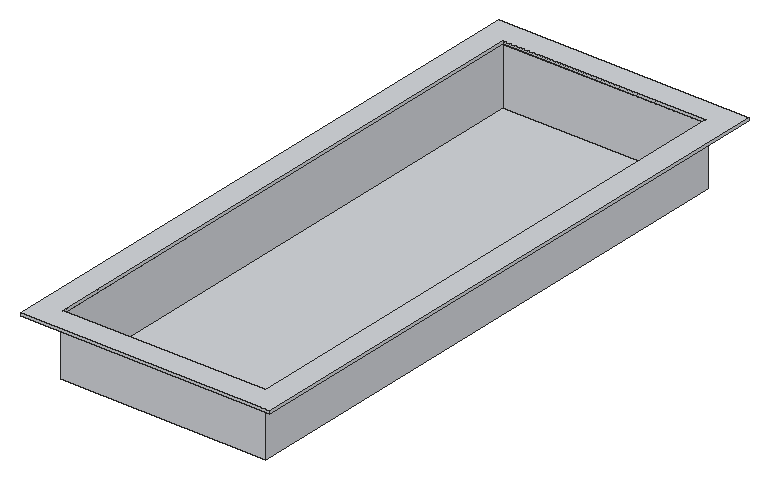
Revit family "Hager-VOLTA-Hollow_wall-IP30-Without_Cover-With_DIN-Hosted-DE-de", category Electrical Equipment, host Face, Revit 2023
Family settings
  Host = Face
  Panel Configuration = Two Columns, Circuits Across
  Round Connector Dimension = Use Diameter
  Part Type = Panelboard
  Cut with Voids When Loaded = No
  Maintain Annotation Orientation = Yes
  Shared = No
  Room Calculation Point = No
Parameters (values of type "VOLTA-Hollow_wall_W348_H880_D94_12_Modular_Spacing-VH60NKM")
  Width Control [instance] = if([HG000006-Flush mounted], if([EF000846 - Einbaubreite] > min_whd, [EF000846 - Einbaubreite], min_whd), if([EF000008 - Breite] > min_whd, ([EF000008 - Breite]), min_whd))  # 314 mm
  Void Depth [instance] = if([HG000006-Flush mounted], Depth Control, 1 mm)  # 90 mm
  Uniformat code = "D501001"
  Uniformat = "Low Tension Service & Dist."
  Type Comments = ""
  System Height [instance] = Height Control - 2 * [HG000005-Dicke]  # 842 mm
  Reference description = ""
  Reference = "VOLTA-Hollow_wall_W348_H880_D94_12_Modular_Spacing-VH60NKM"
  Object type = ""
  Name hager = "ADD_Enclosures_EC000214"
  Name BIM&CO = "Electricity"
  Name = "VOLTA-Hollow_wall-IP30-Without_Cover-With_DIN-DE"
  Model = ""
  HGEF0002950-Breite in Teilungseinheiten = 12
  HGEF000266-Anzahl der Reihen = 0
  HG000131 - Funktionell label [instance] = ""
  HG000130 - Functional name [instance] = ""
  HG000099-Onfly Template ID-de-DE = "507532"
  HG000060-RAL-number = "9010"
  HG000059 - Betriebsspannung [instance] = 230 V
  HG000017-Distanz zwischen den Polen = 18 mm
  HG000016-3D-Türsichtbarkeit = yes
  HG000015-Sichtbarkeit der Türöffnung = yes
  HG000014-Tür rechts = yes
  HG000013-Tür links = no
  HG000012-Türschwenkwinkel = 90.00°
  HG000011-Leere Reihen von unten = no
  HG000010-Asymmetrische Türen = no
  HG000009-Doppelflügeligen Tür = no
  HG000008-Anzahl der leeren Reihen = 0
  HG000007-Anzahl der leeren Spalten = 0
  HG000006-Flush mounted = yes
  HG000005-Dicke = 2 mm
  HG000004-Herstellerreferenz = "VH60NKM"
  HG000003-Bereich = "VOLTA"
  HG000002-Mit tür = no
  HG000001-Anzahl der Spalten = 0
  GTIN (Global Trade Item Number) = ""
  ETIM class name = "Small distribution board"
  ETIM class code = "EC000214"
  EF015941 - Signaldurchlassende Tür = no
  EF015777 - Neutralleiterklemmenblock = no
  EF015776 - Erdungsklemmenblock = no
  EF009212 - Ausführung Deckel = "geschlossen"
  EF006306 - Mit Schloss = no
  EF006244 - Transparenter Deckel/Tür = no
  EF005474 - Schutzart (IP) = "IP30"
  EF004464 - Art der Tür = ""
  EF004462 - Art der Schließung = "sonstige"
  EF002950 - Breite in Teilungseinheiten = 12
  EF001596 - Werkstoff des Gehäuses = ""
  EF001134 - DIN-Schiene = yes
  EF001131 - Innentiefe = 0 mm
  EF001088 - Anbaumöglichkeit = yes
  EF001062 - EMV-Ausführung = no
  EF000846 - Einbaubreite = 314 mm
  EF000339 - Art der Abdeckung = ""
  EF000332 - Einbauhöhe = 846 mm
  EF000266 - Anzahl der Reihen = 0
  EF000218 - Einbautiefe = 90 mm
  EF000118 - Mit Montageplatte = yes
  EF000116 - RAL-Nummer = 9010
  EF000049 - Tiefe = 94 mm
  EF000040 - Höhe = 880 mm
  EF000024 - UV-beständig = no
  EF000008 - Breite = 348 mm
  EF000007 - Farbe = "weiß"
  EF000003 - Montageart = "Hohlwand"
  Creation Date = "12/15/2025 21:45:00"
  Code hager = "ADD-EC000214_EU"
  BIM&CO code = ""
  BC_VARIANT_ID = "1174283"
  BC_OBJECT_VERSION = "#3"  # constant formula
  BC_OBJECT_ID = "513480"  # constant formula
  BC_MODEL_ID = "1547177"  # constant formula
  Arrow Offset [instance] = Depth Control / 8  # 11.25 mm
  Arrow Height [instance] = Depth Control - Arrow Offset  # 78.75 mm
  Host Offset [instance] = if([HG000006-Flush mounted], 0 mm, [EF000049 - Tiefe])  # 0 mm
  min_whd [instance] = (2 * [HG000005-Dicke]) + 1 mm  # 5 mm
  Manufacturer = "Hager"  # constant formula
  Height Control [instance] = if([HG000006-Flush mounted], if([EF000332 - Einbauhöhe] > min_whd, [EF000332 - Einbauhöhe], min_whd), if([EF000040 - Höhe] > min_whd, ([EF000040 - Höhe]), min_whd))  # 846 mm
  Flush Mounted - Door Frame Width [instance] = if(([EF000040 - Höhe] - [EF000332 - Einbauhöhe]) > 0 mm, if([HG000006-Flush mounted], [EF000040 - Höhe] - [EF000332 - Einbauhöhe], 0 mm), 0 mm)  # 34 mm
  Depth Control [instance] = if([HG000006-Flush mounted], if([EF000218 - Einbautiefe] > 0 mm, [EF000218 - Einbautiefe], 1 mm), if([EF000049 - Tiefe] > 0 mm, ([EF000049 - Tiefe]), 1 mm))  # 90 mm
  Default Elevation = 0 mm
Types (3, lengths in mm): name | Width Control | Void Depth | System Height | Reference | HG000004-Herstellerreferenz | EF004462 - Art der Schließung | EF000846 - Einbaubreite | EF000332 - Einbauhöhe | EF000218 - Einbautiefe | EF000049 - Tiefe | EF000040 - Höhe | BC_VARIANT_ID | Arrow Offset | Arrow Height | Height Control | Flush Mounted - Door Frame Width | Depth Control
  VOLTA-Hollow_wall_W348_H630_D98_12_Modular_Spacing-VH36NKM | 314.5 | 89 | 591 | "VOLTA-Hollow_wall_W348_H630_D98_12_Modular_Spacing-VH36NKM" | "VH36NKM" | "" | 314.5 | 595 | 89 | 98 | 630 | "1174281" | 11.125 | 77.875 | 595 | 35 | 89
  VOLTA-Hollow_wall_W348_H755_D98_12_Modular_Spacing-VH48NKM | 314.5 | 89 | 716 | "VOLTA-Hollow_wall_W348_H755_D98_12_Modular_Spacing-VH48NKM" | "VH48NKM" | "" | 314.5 | 720 | 89 | 98 | 755 | "1174282" | 11.125 | 77.875 | 720 | 35 | 89
  VOLTA-Hollow_wall_W348_H880_D94_12_Modular_Spacing-VH60NKM | 314 | 90 | 842 | "VOLTA-Hollow_wall_W348_H880_D94_12_Modular_Spacing-VH60NKM" | "VH60NKM" | "sonstige" | 314 | 846 | 90 | 94 | 880 | "1174283" | 11.25 | 78.75 | 846 | 34 | 90
Reference planes
  plane 1 "Center (Front/Back)": y = 0
  plane 2: z = 0
  plane 3 "Center (Left/Right)": x = 0
  plane 4: z = 0
  plane 5: y = 36
  plane 6: z = -5
  plane 7: y = 457
  plane 8: y = 34
  plane 9: y = 880
  plane 10: z = -90
  plane 11: x = -157
  plane 12: x = 157
  plane 13: x = 155
  plane 14: x = -155
  plane 15: y = 878
  plane 16: z = -88
  plane 17: z = -2
  plane 18: z = -90
  plane 19: z = -2
  plane 20 "Annotation H": y = -100
  plane 21 "Annotation V": x = 457
Forms (mm)
  Extrusion 1, solid
    sketch origin (-583.045, 34, 1219.2) x (-1, 0, 0) y (0, 0, 1)
      loop
        line (-426.045, -1219.2) -> (-740.045, -1219.2) -> (-740.045, -1309.2) -> (-426.045, -1309.2) -> (-426.045, -1219.2)
    from 0 to 846 <- "Height Control"
  Extrusion 2, void
    sketch origin (-381.607, -4572, 0) x (0, -1, 0) y (-1, 0, 0)
      loop
        line (-5450, -226.607) -> (-5450, -536.607) -> (-4608, -536.607) -> (-4608, -226.607) -> (-5450, -226.607)
    from 0 to 88
  Extrusion 3, void
    sketch origin (0, 0, 0) x (1, 0, 0) y (0, 1, 0)
      loop
        line (-157, 34) -> (157, 34) -> (157, 880) -> (-157, 880) -> (-157, 34)
    from -90 to 1
  Extrusion 4, solid, detail levels coarse+medium
    sketch origin (-381.607, -4572, 0) x (-1, 0, 0) y (0, -1, 0)
      loop
        line (-226.607, -5450) -> (-226.607, -4608) -> (-536.607, -4608) -> (-536.607, -5450) -> (-226.607, -5450)
    from 0 to -2
Cuts and joins
  Extrusion 2 cuts Extrusion 1
Dimensions and locks
  plane 4 to plane 6 = 5 mm
  "Host Offset": plane 4 to host face
  "Flush Mounted - Door Frame Width": plane 1 "Center (Front/Back)" to plane 8
  "HG000005-Dicke": plane 5 to plane 8
  locked: connector elem to plane 3 "Center (Left/Right)"
  "Height Control": plane 9 to plane 8
  equal spacing: plane 9, plane 7, plane 8
  locked: connector elem to plane 7
  "Depth Control": plane 4 to plane 10
  "HG000005-Dicke": plane 11 to plane 14
  "HG000005-Dicke": plane 12 to plane 13
  equal spacing: plane 11, plane 3 "Center (Left/Right)", plane 12
  "Width Control": plane 11 to plane 12
  "Arrow Offset": nested 4 to plane 10
  "HG000005-Dicke": plane 9 to plane 15
  "HG000005-Dicke": plane 16 to plane 10
  "HG000005-Dicke": plane 4 to plane 17
  "Void Depth": plane 2 to plane 18
  "HG000005-Dicke": plane 4 to plane 19
  locked: plane 20 "Annotation H" to plane 1 "Center (Front/Back)" at 100
  locked: plane 12 to plane 21 "Annotation V" at 300
  aligned and locked: plane 2 to host face
  aligned and locked: level to host face
  aligned and locked: plane 3 "Center (Left/Right)" to nested 2
  aligned and locked: plane 4 to nested 2
  aligned and locked: nested 2 to plane 8
  aligned and locked: nested 1 to plane 6
  aligned and locked: plane 5 to nested 1
  aligned and locked: nested 4 to plane 11
  aligned and locked: nested 3 to plane 4
  aligned and locked: Extrusion 1 sketch curve to plane 12
  aligned and locked: Extrusion 1 sketch curve to plane 11
  aligned and locked: nested 3 to plane 10
  aligned and locked: plane 10 to Extrusion 1 sketch curve
  aligned and locked: plane 5 to Extrusion 2 sketch curve
  aligned and locked: Extrusion 2 sketch curve to plane 15
  aligned and locked: Extrusion 2 sketch curve to plane 14
  aligned and locked: Extrusion 2 sketch curve to plane 13
  aligned and locked: plane 11 to Extrusion 3 sketch curve
  aligned and locked: plane 9 to Extrusion 3 sketch curve
  aligned and locked: Extrusion 3 sketch curve to plane 8
  aligned and locked: plane 12 to Extrusion 3 sketch curve
  aligned and locked: nested 3 to plane 12
  aligned and locked: Extrusion 3 to plane 18
  aligned and locked: Extrusion 2 to plane 16
  aligned and locked: Extrusion 1 sketch curve to plane 4
  aligned and locked: Extrusion 4 to plane 17
  aligned and locked: Extrusion 4 sketch curve to plane 15
  aligned and locked: Extrusion 4 sketch curve to plane 13
  aligned and locked: Extrusion 4 sketch curve to plane 14
  aligned and locked: plane 5 to Extrusion 4 sketch curve
  aligned and locked: nested 5 to plane 21 "Annotation V"
  aligned and locked: plane 20 "Annotation H" to nested 5
Automatic sketch dimensions
  host sketch curve to host sketch curve = 1469.727 mm
  host sketch curve to host sketch curve = 1434.803 mm
Nested families
  nested 1: "Hager_Enclosure_System" at (0, 36, -5) x (1, 0, 0) z (0, 1, 0), Height <- "System Height", Flush_Mounted <- "HG000006-Flush mounted", Width_Control <- "Width Control", Built-in_Width <- "EF000846 - Einbaubreite", Width <- "EF000008 - Breite", Depth <- "HG000005-Dicke", Border <- "HG000005-Dicke", Distance_Between_Poles <- "HG000017-Distanz zwischen den Polen", Empty_Columns <- "HG000007-Anzahl der leeren Spalten", Total_No_Empty_Rows <- "HG000008-Anzahl der leeren Reihen", Empty_Rows_From_Bottom <- "HG000011-Leere Reihen von unten", Columns_Count <- "HG000001-Anzahl der Spalten", Rows_Count <- "HGEF000266-Anzahl der Reihen", Row_Module_Multiplicator <- "HGEF0002950-Breite in Teilungseinheiten", type "Hager_Enclosure_System", detail levels fine
    with Width_Control 314 mm, Width 348 mm, Total_No_Rows 0, Total_No_Empty_Rows 0, Total_No_Columns 1, System_Width 310 mm, Rows_Count 0, Rows_Column 0, Row_Module_Multiplicator 12, Panel_4 no, Panel_3 no, Panel_2 no, Panel_1 no, No_Panels_Ctrl 1, Hide_Columns yes, Height 842 mm, Flush_Mounted yes, Empty_Rows_From_Bottom no, Empty_Rows_Column 0, Empty_Columns 0, Empty column 4 0, Empty column 3 0, Empty column 2 0, Empty column 1 0, Distance_Between_Poles 18 mm, Depth 2 mm, Columns_Count 0, Column_Width 310 mm, Built-in_Width 314 mm, Border 2 mm
  nested 2: "Hager_Enclosure_Door" at (0, 34, 0) x (1, 0, 0) z (0, 1, 0), Flush_Mounted <- "HG000006-Flush mounted", Height_Ctrl <- "Height Control", Width_Ctrl <- "Width Control", BuiltIn_Depth <- "EF000218 - Einbautiefe", Depth <- "EF000049 - Tiefe", BuiltIn_Width <- "EF000846 - Einbaubreite", Height <- "EF000040 - Höhe", BuiltIn_Height <- "EF000332 - Einbauhöhe", Width <- "EF000008 - Breite", Transparent <- "EF006244 - Transparenter Deckel/Tür", Border <- "HG000005-Dicke", Door <- "HG000002-Mit tür", Double <- "HG000009-Doppelflügeligen Tür", Assymetrical <- "HG000010-Asymmetrische Türen", Angle <- "HG000012-Türschwenkwinkel", Door_Left <- "HG000013-Tür links", Door_Right <- "HG000014-Tür rechts", Clearance <- "HG000015-Sichtbarkeit der Türöffnung", 3d_Door <- "HG000016-3D-Türsichtbarkeit", type "Hager_Enclosure_Door", detail levels medium+fine
    with min_wh 5 mm, Width_Ctrl 314 mm, Width 348 mm, Transparent_Door_No_Bottom_Border no, Transparent no, Leaf_Width 307 mm, Leaf_Tolerance 1.5 mm, Leaf_Height 839 mm, Leaf_2_Width 307 mm, Leaf_2_Offset 153.5 mm, Leaf_1_Width 307 mm, Leaf_1_Offset 153.5 mm, Height_Ctrl 846 mm, Height 880 mm, Frame_Width_Ctrl 34 mm, Frame_Width 34 mm, Frame_Internal_Offset 2 mm, Frame_Height_Ctrl 34 mm, Frame_Height 34 mm, Frame_Depth_Ctrl 4 mm, Frame_Depth 4 mm, Flush_Mounted yes, Double_Clearance_Ctrl no, Double no, Door_Right_Ctrl no, Door_Right yes, Door_Left_Ctrl no, Door_Left no, Door no, Depth 94 mm, Clearance_Depth 307 mm, Clearance_Ctrl yes, Clearance yes, BuiltIn_Width 314 mm, BuiltIn_Height 846 mm, BuiltIn_Depth 90 mm, Border 2 mm, Assymetrical no, Angle 90.00°, 3d_Door yes
  nested 3: "Hager_Enclosure_Symbol_Triangle" at (-157, 0, -90) x (1, 0, 0) z (0, -1, 0), Depth <- "Depth Control", Width <- "Width Control", type "Hager_Enclosure_Symbol_Triangle"
    with Width_Ctrl 314 mm, Width 314 mm, Depth_Ctrl 90 mm, Depth 90 mm
  nested 4: "Hager_Enclosure_Symbol_Arrow" at (-157, 0, -78.75) x (1, 0, 0) z (0, -1, 0), Height <- "Arrow Height", type "Hager_Enclosure_Symbol_Arrow"
    with Width_Inside 5.906 mm, Width 70.875 mm, Height_Ctrl 78.75 mm, Height 78.75 mm
  nested 5: "Hager_Annotation-HG000130" at (457, -100, 0) x (-1, 0, 0) z (0, 0, 1), HG000130 - Functional name <- "HG000130 - Functional name", type "Hager_Annotation-HG000130"
    with HG000130 - Functional name ""
Connectors
  electrical at (0, 457, -90)
    settings: on plane 10, index 1, voltage 0 V, apparent load 0 VA, apparent load phase1 0 VA, apparent load phase2 0 VA, apparent load phase3 0 VA, power factor 1, load classification "Other", number of poles 1, system type 30, power factor state 1, is connector primary yes, connector utility no, sub classification motor no, connector description ""
Definition of nested family "Hager_Enclosure_Door"
  Parameters (values of type "Hager_Enclosure_Door")
    min_wh [instance] = (2 * Border) + 1 mm  # 11 mm
    Width_Ctrl [instance] = 400 mm
    Width [instance] = 500 mm
    Transparent_Door_No_Bottom_Border [instance] = no
    Transparent [instance] = yes
    Leaf_Width [instance] = if((Width_Ctrl - 2 * Border - 2 * Leaf_Tolerance) > 0 mm, (Width_Ctrl - 2 * Border - 2 * Leaf_Tolerance), min_wh)  # 387 mm
    Leaf_Tolerance [instance] = 1.5 mm  # constant formula
    Leaf_Height [instance] = if((Height_Ctrl - 2 * Border - 2 * Leaf_Tolerance) > 0 mm, (Height_Ctrl - 2 * Border - 2 * Leaf_Tolerance), min_wh)  # 387 mm
    Leaf_2_Width [instance] = if(and(and(Double, Assymetrical), Door_Left), (Leaf_Width / 3) - (Leaf_Tolerance / 2), if(and(and(Double, Assymetrical), Door_Right), (Leaf_Width / 3) * 2 - (Leaf_Tolerance / 2), if(and(Double, not(Assymetrical)), (Leaf_Width / 2) - Leaf_Tolerance, Leaf_Width)))  # 387 mm
    Leaf_2_Offset [instance] = if(and(Double, Assymetrical), Leaf_2_Width / 2, if(and(Double, not(Assymetrical)), Leaf_Width / 4, Leaf_Width / 2))  # 193.5 mm
    Leaf_1_Width [instance] = if(and(and(Double, Assymetrical), Door_Right), (Leaf_Width / 3) - (Leaf_Tolerance / 2), if(and(and(Double, Assymetrical), Door_Left), (Width / 3) * 2 - (Leaf_Tolerance / 2), if(and(Double, not(Assymetrical)), (Leaf_Width / 2) - Leaf_Tolerance, Leaf_Width)))  # 387 mm
    Leaf_1_Offset [instance] = if(and(Double, Assymetrical), Leaf_1_Width / 2, if(and(Double, not(Assymetrical)), Leaf_Width / 4, Leaf_Width / 2))  # 193.5 mm
    Height_Ctrl [instance] = 400 mm
    Height [instance] = 500 mm
    Frame_Width_Ctrl [instance] = if(Frame_Width > 0 mm, Frame_Width, 1 mm)  # 1 mm
    Frame_Width [instance] = Width - BuiltIn_Width  # 0 mm
    Frame_Internal_Offset [instance] = if(Flush_Mounted, Border, 0 mm)  # 5 mm
    Frame_Height_Ctrl [instance] = if(Frame_Height > 0 mm, Frame_Height, 1 mm)  # 1 mm
    Frame_Height [instance] = Height - BuiltIn_Height  # 0 mm
    Frame_Depth_Ctrl [instance] = if(Frame_Depth > 0 mm, Frame_Depth, 1 mm)  # 1 mm
    Frame_Depth [instance] = if(Depth - BuiltIn_Depth > 0 mm, if(Flush_Mounted, Depth - BuiltIn_Depth, 0 mm), 0 mm)  # 0 mm
    Flush_Mounted [instance] = yes
    Double_Clearance_Ctrl [instance] = and(Double, Clearance)  # no
    Double [instance] = no
    Door_Right_Ctrl [instance] = and(or(Door_Right, Double), Door)  # yes
    Door_Right [instance] = yes
    Door_Left_Ctrl [instance] = and(or(Door_Left, Double), Door)  # no
    Door_Left [instance] = no
    Door [instance] = yes
    Depth [instance] = 500 mm
    Default Elevation = 1219.2 mm
    Clearance_Material = none
    Clearance_Depth [instance] = if(Leaf_1_Width > Leaf_2_Width, Leaf_1_Width, Leaf_2_Width)  # 387 mm
    Clearance_Ctrl [instance] = and(not(Double), Clearance)  # yes
    Clearance [instance] = yes
    BuiltIn_Width [instance] = 500 mm
    BuiltIn_Height [instance] = 500 mm
    BuiltIn_Depth [instance] = 500 mm
    Border [instance] = 5 mm
    Assymetrical [instance] = yes
    Angle [instance] = 30.00°
    3d_Door [instance] = yes
  Reference planes
    plane 1 "Center (Front/Back)": y = 0
    plane 2 "Bottom": z = 0
    plane 3 "Center (Left/Right)": x = 0
    plane 4: z = 400
    plane 5: x = -200
    plane 6: x = 200
    plane 7: z = 395
    plane 8: x = -195
    plane 9: z = 5
    plane 10: x = 195
    plane 11: y = 0
    plane 12: z = 6.5
    plane 13: x = -582
    plane 14: y = -387
    plane 15: x = 582
    plane 16: x = 0
    plane 17: x = 0
    plane 18: x = -193.5
    plane 19: x = 193.5
    plane 20: z = 393.5
  Forms (mm)
    Extrusion 1, solid, visible <- "Flush_Mounted"
      sketch origin (0, 0, 0) x (1, 0, 0) y (0, 0, 1)
        loop
          line (195, 5) -> (195, 395) -> (-195, 395) -> (-195, 5) -> (195, 5)
        loop
          line (-201, 401) -> (-201, -1) -> (201, -1) -> (201, 401) -> (-201, 401)
      from 0 to 1 <- "Frame_Depth_Ctrl"
    Extrusion 2, solid, material <- "Clearance_Material", visible <- "Double_Clearance_Ctrl"
      sketch origin (1200, 0, 0) x (1, 0, 0) y (0, 0, -1)
        loop
          line (-1782, -393.5) -> (-618, -393.5) -> (-618, 0) -> (-1782, 0) -> (-1782, -393.5)
      from 0 to -387
  Dimensions and locks
    equal spacing: plane 5, plane 3 "Center (Left/Right)", plane 6
    "Width_Ctrl": plane 5 to plane 6
    "Border": plane 5 to plane 8
    "Border": plane 6 to plane 10
    "Border": plane 9 to level
    "Border": plane 4 to plane 7
    "Height_Ctrl": plane 4 to level
    "Leaf_Tolerance": plane 12 to plane 9
    "Frame_Depth": plane 11 to plane 1 "Center (Front/Back)"
    "Frame_Width_Ctrl": plane 5 to Extrusion 1 sketch curve
    "Frame_Width_Ctrl": plane 6 to Extrusion 1 sketch curve
    "Frame_Width_Ctrl": Extrusion 1 sketch curve to plane 4
    "Frame_Width_Ctrl": plane 2 "Bottom" to Extrusion 1 sketch curve
    "Leaf_1_Offset": plane 18 to plane 16
    "Leaf_2_Offset": plane 17 to plane 19
    "Leaf_1_Width": plane 13 to plane 8
    "Leaf_2_Width": plane 10 to plane 15
    "Clearance_Depth": plane 14 to plane 1 "Center (Front/Back)"
    "Leaf_Tolerance": plane 8 to plane 18
    "Leaf_Tolerance": plane 19 to plane 10
    "Leaf_Tolerance": plane 7 to plane 20
    "Frame_Internal_Offset": plane 5 to Extrusion 1 sketch curve
    "Frame_Internal_Offset": Extrusion 1 sketch curve to plane 2 "Bottom"
    "Frame_Internal_Offset": plane 6 to Extrusion 1 sketch curve
    "Frame_Internal_Offset": plane 4 to Extrusion 1 sketch curve
    aligned and locked: level to plane 2 "Bottom"
    aligned and locked: nested 1 to plane 16
    aligned and locked: nested 2 to plane 17
    aligned and locked: Extrusion 2 to plane 13
    aligned and locked: plane 15 to Extrusion 2
    aligned and locked: Extrusion 2 to plane 14
    aligned and locked: plane 12 to nested 1
    aligned and locked: nested 2 to plane 12
    aligned and locked: Extrusion 2 to plane 11
    aligned and locked: plane 20 to Extrusion 2
    aligned and locked: nested 2 to plane 11
    aligned and locked: nested 1 to plane 11
  Automatic sketch dimensions
    Extrusion 2 sketch curve to level = 0 mm
    plane 5 to Extrusion 2 sketch curve = 382 mm
    plane 6 to Extrusion 2 sketch curve = 382 mm
    Extrusion 2 sketch curve to plane 4 = 6.5 mm
  Nested families
    nested 1: "Hager_Enclosure_Door_Leaf" at (0, 0, 6.5), Width <- "Leaf_1_Width", visible <- "Door_Left_Ctrl", Leaf_Height <- "Leaf_Height", Angle <- "Angle", Depth <- "Border", 3d_Door <- "3d_Door", Transparent <- "Transparent", Clearance Material <- "Clearance_Material", Clearance <- "Clearance_Ctrl", Transparent_Door_No_Bottom_Border <- "Transparent_Door_No_Bottom_Border", type "Hager_Enclosure_Door_Leaf"
      with Width 387 mm, Transparent_Door_No_Bottom_Border no, Transparent_Door_Border_Bottom_Top 25 mm, Transparent_Door_Border 25 mm, Transparent_Ctrl yes, Transparent yes, Standard no, Leaf_Height 387 mm, Glass_Offset 1 mm, Depth 5 mm, Clearance Material none, Clearance yes, Angle_Ctrl 30.00°, Angle 30.00°, 3d_Door yes
    nested 2: "Hager_Enclosure_Door_Leaf" at (0, 0, 6.5) x (-1, 0, 0) z (0, 0, 1), Width <- "Leaf_2_Width", visible <- "Door_Right_Ctrl", Leaf_Height <- "Leaf_Height", Angle <- "Angle", Depth <- "Border", 3d_Door <- "3d_Door", Transparent <- "Transparent", Clearance Material <- "Clearance_Material", Clearance <- "Clearance_Ctrl", Transparent_Door_No_Bottom_Border <- "Transparent_Door_No_Bottom_Border", type "Hager_Enclosure_Door_Leaf"
      with Width 387 mm, Transparent_Door_No_Bottom_Border no, Transparent_Door_Border_Bottom_Top 25 mm, Transparent_Door_Border 25 mm, Transparent_Ctrl yes, Transparent yes, Standard no, Leaf_Height 387 mm, Glass_Offset 1 mm, Depth 5 mm, Clearance Material none, Clearance yes, Angle_Ctrl 30.00°, Angle 30.00°, 3d_Door yes
  Definition of nested family "Hager_Enclosure_Door_Leaf"
    Parameters (values of type "Hager_Enclosure_Door_Leaf")
      Width [instance] = 2000 mm
      Transparent_Door_No_Bottom_Border [instance] = yes
      Transparent_Door_Border_Bottom_Top [instance] = if(Transparent_Door_No_Bottom_Border, 0.1 mm, Transparent_Door_Border)  # 0.1 mm
      Transparent_Door_Border [instance] = if(Transparent_Door_No_Bottom_Border, (Width * 0.12), 25 mm)  # 240 mm
      Transparent_Ctrl [instance] = and(Transparent, [3d_Door])  # yes
      Transparent [instance] = yes
      Standard [instance] = and(not(Transparent), [3d_Door])  # no
      Leaf_Height [instance] = 2720.336 mm
      Glass_Offset [instance] = if((Depth - 10 mm) / 2 > 0 mm, (Depth - 10 mm) / 2, 1 mm)  # 15 mm
      Glass_Material = none
      Depth [instance] = 40 mm
      Default Elevation = 0 mm
      Clearance Material [instance] = none
      Clearance [instance] = yes
      Angle_Ctrl [instance] = if(Angle > 170.00°, 170.00°, Angle)  # 45.00°
      Angle [instance] = 45.00°
      3d_Door [instance] = yes
    Reference planes
      plane 1 "Center (Front/Back)": y = 0
      plane 2: z = 0
      plane 3 "Center (Left/Right)": x = 0
      plane 4: y = 2000
      plane 5: x = -1000
      plane 6: x = 1000
      plane 7: x = -3000
      plane 8: z = 2720.336
      plane 9: z = 0.1
      plane 10: z = 2720.236
      plane 11: x = 760
      plane 12: x = -760
    Forms (mm)
      Extrusion 1, solid, material <- "Clearance Material", visible <- "Clearance"
        sketch origin (0, 0, 0) x (1, 0, 0) y (0, 0, 1)
          loop
            line (-3000, 2720.336) -> (-3000, 0) -> (1000, 0) -> (1000, 2720.336) -> (-3000, 2720.336)
        from 0 to -2000
      Extrusion 2, solid, visible <- "Standard", detail levels medium+fine
        sketch origin (-1000, 0, 0) x (0.707107, 0.707107, 0) y (-0.707107, 0.707107, 0)
          loop
            line (0, -40) -> (2000, -40) -> (2000, 0) -> (0, 0) -> (0, -40)
        from 0 to 2720.336 <- "Leaf_Height"
      Extrusion 3, solid, visible <- "Transparent_Ctrl", detail levels medium+fine
        sketch origin (-1000, 0, 0) x (0.707107, 0.707107, 0) y (-0.707107, 0.707107, 0)
          loop
            line (0, -40) -> (2000, -40) -> (2000, 0) -> (0, 0) -> (0, -40)
        from 0 to 2720.336 <- "Leaf_Height"
      Extrusion 4, void, detail levels medium+fine
        sketch origin (-1000, 0, 0) x (-0.707107, 0.707107, 0) y (0.707107, 0.707107, 0)
          loop
            line (0, 240) -> (0, 1760) -> (-40, 1760) -> (-40, 240) -> (0, 240)
        from -2720.236 to -0.1
      Extrusion 5, solid, material <- "Glass_Material", visible <- "Transparent_Ctrl", detail levels medium+fine
        sketch origin (-1000, 0, 0) x (0.707107, 0.707107, 0) y (-0.707107, 0.707107, 0)
          loop
            line (240, -15) -> (240, -25) -> (1760, -25) -> (1760, -15) -> (240, -15)
        from 0.1 to 2720.236
    Cuts and joins
      Extrusion 4 cuts Extrusion 3
    Lines and regions (mm)
      symbolic lines
        curve 1: line (1000, 0, 0) -> (-3000, 0, 0)
        curve 2: arc (1000, 0, 0) -> (-1000, 2000, 0) -> (-3000, 0, 0) r 2000
        curve 4: line (-1000, 0, 0) -> (414.214, 1414.214, 0)
      reference lines
        curve 3: line (-1000, 0, 0) -> (414.214, 1414.214, 0)
      symbolic lines, detail levels medium+fine
        curve 5: line (414.214, 1414.214, 0) -> (442.498, 1385.929, 0)
        curve 6: line (442.498, 1385.929, 0) -> (-971.716, -28.284, 0)
        curve 7: line (-971.716, -28.284, 0) -> (-1000, 0, 0)
        curve 8: line (-1000, 0, 2720.336) -> (1000, 0, 2720.336)
        curve 9: line (-1000, 0, 0) -> (-1000, 0, 2720.336)
        curve 10: line (1000, 0, 0) -> (-1000, 0, 0)
        curve 11: line (1000, 0, 2720.336) -> (1000, 0, 0)
      symbolic lines, visible <- "Transparent_Ctrl", detail levels medium+fine
        curve 12: line (-760, 0, 2720.236) -> (760, 0, 2720.236)
        curve 13: line (-760, 0, 0.1) -> (-760, 0, 2720.236)
        curve 14: line (760, 0, 0.1) -> (-760, 0, 0.1)
        curve 15: line (760, 0, 2720.236) -> (760, 0, 0.1)
    Dimensions and locks
      "Width": plane 1 "Center (Front/Back)" to plane 4
      equal spacing: plane 5, plane 3 "Center (Left/Right)", plane 6
      "Width": plane 5 to plane 6
      "Width": plane 7 to plane 5
      "Leaf_Height": plane 8 to level
      "Depth": curve 6 to curve 3
      "Width": curve 5 to curve 3
      "Width": curve 3 to curve 3
      "Transparent_Door_Border": Extrusion 4 sketch curve to curve 7
      "Transparent_Door_Border": Extrusion 4 sketch curve to curve 5
      "Transparent_Door_Border_Bottom_Top": plane 8 to plane 10
      "Transparent_Door_Border_Bottom_Top": plane 9 to level
      "Glass_Offset": Extrusion 5 sketch curve to curve 4
      "Glass_Offset": Extrusion 5 sketch curve to curve 6
      "Transparent_Door_Border": Extrusion 5 sketch curve to curve 5
      "Transparent_Door_Border": Extrusion 5 sketch curve to curve 7
      "Transparent_Door_Border": plane 12 to plane 5
      "Transparent_Door_Border": plane 6 to plane 11
      "Angle_Ctrl": angle plane 1 "Center (Front/Back)" to curve 3
      aligned and locked: level to plane 2
      aligned and locked: Extrusion 1 to curve 1
      aligned and locked: plane 6 to Extrusion 1
      aligned and locked: Extrusion 1 to plane 1 "Center (Front/Back)"
      aligned and locked: plane 4 to Extrusion 1
      aligned and locked: plane 8 to Extrusion 1
      aligned and locked: curve 4 to curve 3
      aligned and locked: Extrusion 2 sketch curve to curve 7
      aligned and locked: Extrusion 2 sketch curve to curve 6
      aligned and locked: Extrusion 2 sketch curve to curve 5
      aligned and locked: Extrusion 2 sketch curve to curve 3
      aligned and locked: curve 7 to Extrusion 3 sketch curve
      aligned and locked: Extrusion 3 sketch curve to curve 4
      aligned and locked: Extrusion 3 sketch curve to curve 6
      aligned and locked: Extrusion 3 sketch curve to curve 5
      aligned and locked: curve 4 to Extrusion 4 sketch curve
      aligned and locked: curve 6 to Extrusion 4 sketch curve
      aligned and locked: Extrusion 4 to plane 9
      aligned and locked: Extrusion 4 to plane 10
      aligned and locked: Extrusion 5 to plane 9
      aligned and locked: Extrusion 5 to plane 10
      aligned and locked: curve 8 to plane 8
      aligned and locked: plane 5 to curve 9
      aligned and locked: plane 2 to curve 10
      aligned and locked: curve 11 to plane 6
      aligned and locked: plane 10 to curve 12
      aligned and locked: plane 12 to curve 13
      aligned and locked: curve 14 to plane 9
      aligned and locked: plane 11 to curve 15
    Automatic sketch dimensions
      plane 1 "Center (Front/Back)" to curve 2 = 0 mm
      curve 2 to plane 5 = 0 mm
      Extrusion 1 sketch curve to level = 0 mm
      Extrusion 1 sketch curve to plane 7 = 0 mm
      Extrusion 1 sketch curve to plane 6 = 0 mm
      Extrusion 1 sketch curve to plane 8 = 0 mm
      plane 1 "Center (Front/Back)" to curve 3 = 0 mm
      curve 3 to plane 5 = 0 mm
      curve 7 to curve 3 = 0 mm
Definition of nested family "Hager_Enclosure_Symbol_Triangle"
  Parameters (values of type "Hager_Enclosure_Symbol_Triangle")
    Width_Ctrl [instance] = if(Width > 1 mm, Width, 1 mm)  # 498 mm
    Width [instance] = 498 mm
    Depth_Ctrl [instance] = if(Depth > 1 mm, Depth, 1 mm)  # 72 mm
    Depth [instance] = 72 mm
  Reference planes
    plane 1 "Centre (avant/arrière)": y = 0
    plane 2: z = 0
    plane 3 "Centre (gauche/droite)": x = 0
  Lines and regions (mm)
    Filled region 1, type "Solid_Black", in view "Niveau de réf."
      outline origin (0, 0, 0) x (1, 0, 0) y (0, 1, 0)
        loop
          line (0, 0) -> (498, 0) -> (498, 72) -> (0, 0)
    reference lines, in view "Niveau de réf."
      curve 1: line (-206.153, 72, 0) -> (1083.258, 72, 0)
      curve 2: line (498, 405.456, 0) -> (498, -517.619, 0)
  Dimensions and locks
    "Depth_Ctrl": plane 1 "Centre (avant/arrière)" to curve 1
    "Width_Ctrl": plane 3 "Centre (gauche/droite)" to curve 2
    aligned and locked: curve 1 to Filled region 1 sketch curve
    aligned and locked: Filled region 1 sketch curve to plane 1 "Centre (avant/arrière)"
    aligned and locked: curve 2 to Filled region 1 sketch curve
    aligned and locked: plane 3 "Centre (gauche/droite)" to Filled region 1 sketch curve
    aligned and locked: plane 1 "Centre (avant/arrière)" to Filled region 1 sketch curve
  Automatic sketch dimensions
    curve 1 to plane 3 "Centre (gauche/droite)" = 206.153 mm
    curve 2 to curve 1 = 585.258 mm
    plane 1 "Centre (avant/arrière)" to curve 2 = 517.619 mm
    curve 2 to plane 1 "Centre (avant/arrière)" = 405.456 mm
Definition of nested family "Hager_Enclosure_Symbol_Arrow"
  Parameters (values of type "Hager_Enclosure_Symbol_Arrow")
    Width_Inside [instance] = if(Width / 12 > 2 mm, Width / 12, 2 mm)  # 4.987 mm
    Width [instance] = if(Height_Ctrl * 0.9 > 2 mm, Height_Ctrl * 0.9, 2 mm)  # 59.85 mm
    Height_Ctrl [instance] = if(Height > 2 mm, Height, 2 mm)  # 66.5 mm
    Height [instance] = 66.5 mm
  Reference planes
    plane 1 "Centre (avant/arrière)": y = 0
    plane 2: z = 0
    plane 3 "Centre (gauche/droite)": x = 0
    plane 4: x = 59.85
    plane 5: y = 28.263
    plane 6: y = 38.238
    plane 7: y = 66.5
    plane 8: x = 29.925
    plane 9: y = 33.25
  Lines and regions (mm)
    Filled region 1, type "Solid_Black", in view "Niveau de réf."
      outline origin (0, 0, 0) x (1, 0, 0) y (0, 1, 0)
        loop
          line (59.85, 66.5) -> (37.929, 52.827) -> (51.846, 41.935) -> (59.85, 66.5)
    detail lines, in view "Niveau de réf."
      curve 1: line (0, 0, 0) -> (29.925, 38.238, 0)
      curve 2: line (29.925, 38.238, 0) -> (29.925, 28.263, 0)
      curve 3: line (29.925, 28.263, 0) -> (59.85, 66.5, 0)
  Dimensions and locks
    "Width": plane 3 "Centre (gauche/droite)" to plane 4
    "Height_Ctrl": plane 7 to plane 1 "Centre (avant/arrière)"
    equal spacing: plane 3 "Centre (gauche/droite)", plane 8, plane 4
    equal spacing: plane 7, plane 9, plane 1 "Centre (avant/arrière)"
    equal spacing: plane 6, plane 9, plane 5
    "Width_Inside": plane 6 to plane 9
    equal spacing: curve 3, Filled region 1 sketch curve, Filled region 1 sketch curve
    angle Filled region 1 sketch curve to curve 3 = 20.00°
    angle curve 3 to Filled region 1 sketch curve = 20.00°
    locked: curve 3 to Filled region 1 sketch curve (angle 90.00°)
  Automatic sketch dimensions
    plane 1 "Centre (avant/arrière)" to curve 1 = 0 mm
    curve 1 to plane 3 "Centre (gauche/droite)" = 0 mm
    curve 2 to plane 6 = 0 mm
    curve 3 to plane 8 = 0 mm
    curve 3 to plane 4 = 0 mm
    curve 2 to plane 5 = 0 mm
    curve 3 to plane 7 = 0 mm
    Filled region 1 sketch curve to plane 4 = 0 mm
    Filled region 1 sketch curve to plane 7 = 0 mm
Definition of nested family "Hager_Annotation-HG000130"
  Parameters (values of type "Hager_Annotation-HG000130")
    HG000130 - Functional name [instance] = ""
  Reference planes
    plane 1: y = 0
    plane 2: x = 0
  Lines and regions (mm)
    detail lines
      curve 1: line (-27.5, 10, 0) -> (27.5, 10, 0)
      curve 2: line (-27.5, -10, 0) -> (-27.5, 10, 0)
      curve 3: line (27.5, -10, 0) -> (-27.5, -10, 0)
      curve 4: line (27.5, 10, 0) -> (27.5, -10, 0)
  Text (mm)
    label "HG000130 - Functional name" at (0.16, 0.026, 0), shows "HG000130 - Functional name"
